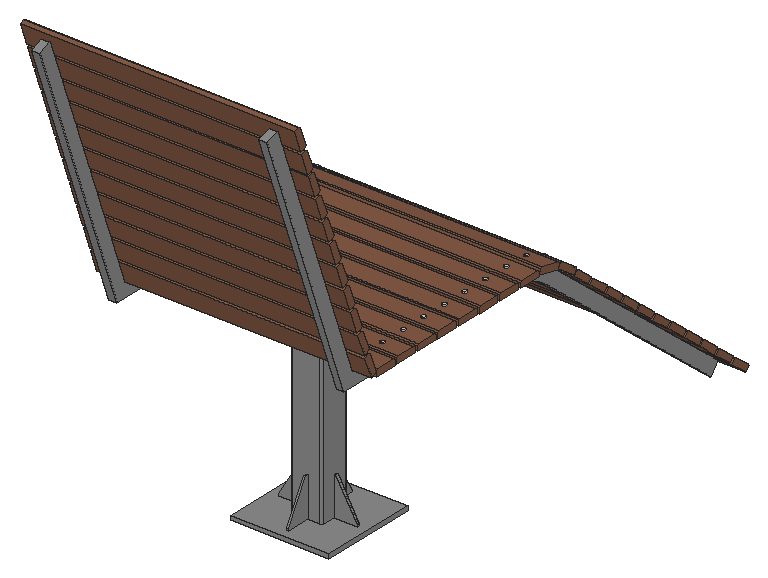
Revit family "FS_Лежак парковый_1_R16", category Антураж, Revit 2016
Family settings
  На основе рабочей плоскости = Нет
  Всегда вертикально = Да
  При загрузке вырезать с полостями = Нет
  Источник визуального образа = Геометрия семейства
  Общий = Нет
  Точка расчета площади = Нет
Parameters (values of type "Лежак парковый «1» 0.7м")
  Стоимость = 9082
  Комментарии к типоразмеру = "Материалы: сталь, брус"  # constant formula
  Изготовитель = "ООО 'Хоббика'"  # constant formula
  Высота = 0 mm
  URL = "https://hobbyka.ru/product/parkovyy_lezhak_1/?sphrase_id=88905"
  ADSK_Размер_Ширина = 700 mm  # constant formula
  ADSK_Размер_Длина = 1468 mm  # constant formula
  ADSK_Размер_Высота = 1226 mm  # constant formula
  ADSK_Наименование = "Лежак парковый «1» 0.7м"
  ADSK_Материал опоры = FS_Сталь
  ADSK_Материал крепления = FS_Цинк
  ADSK_Материал доски = FS_Древесина
  ADSK_Код изделия = "9977"  # constant formula
Reference planes
  plane 1 "По центру (Вперед/Назад)": y = 0
  plane 2: z = 0
  plane 3 "По центру (Влево/Вправо)": x = 0
  plane 4: x = -350
  plane 5: x = 350
  plane 6: x = 290
  plane 7: x = -290
Forms (mm)
  Extrusion 1, solid, material "FS_Сталь" <- "ADSK_Материал опоры"
    sketch origin (0, 0, 0) x (1, 0, 0) y (0, 1, 0)
      loop
        line (-125, -125) -> (125, -125) -> (125, 125) -> (-125, 125) -> (-125, -125)
    from 0 to 10
  Extrusion 2, solid, material "FS_Сталь" <- "ADSK_Материал опоры"
    sketch origin (0, 0, 10) x (1, 0, 0) y (0, 1, 0)
      loop
        line (-35, -40) -> (35, -40)
        arc (35, -40) -> (38.536, -38.536) -> (40, -35) r 5
        line (40, -35) -> (40, 35)
        arc (40, 35) -> (38.536, 38.536) -> (35, 40) r 5
        line (35, 40) -> (-35, 40)
        arc (-35, 40) -> (-38.536, 38.536) -> (-40, 35) r 5
        line (-40, 35) -> (-40, -35)
        arc (-40, -35) -> (-38.536, -38.536) -> (-35, -40) r 5
    from 0 to 532
  Extrusion 3, solid, material "FS_Сталь" <- "ADSK_Материал опоры"
    sketch origin (0, 0, 542) x (1, 0, 0) y (0, 1, 0)
      loop
        line (-125, -125) -> (125, -125) -> (125, 125) -> (-125, 125) -> (-125, -125)
    from 0 to 10
  Extrusion 4, solid, material "FS_Сталь" <- "ADSK_Материал опоры"
    sketch origin (0, 0, 0) x (0, 1, 0) y (0, 0, 1)
      loop
        line (-40, 10) -> (-40, 110) -> (-45, 110) -> (-100, 15) -> (-100, 10) -> (-40, 10)
      loop
        line (40, 10) -> (100, 10) -> (100, 15) -> (45, 110) -> (40, 110) -> (40, 10)
    from -2.5 to 2.5
  Extrusion 5, solid, material "FS_Сталь" <- "ADSK_Материал опоры"
    sketch origin (0, 0, 0) x (1, 0, 0) y (0, 0, 1)
      loop
        line (-40, 10) -> (-40, 110) -> (-45, 110) -> (-100, 15) -> (-100, 10) -> (-40, 10)
      loop
        line (40, 10) -> (100, 10) -> (100, 15) -> (45, 110) -> (40, 110) -> (40, 10)
    from -2.5 to 2.5
Dimensions and locks
  "ADSK_Размер_Ширина": plane 4 to plane 5
  equal spacing: plane 4, plane 3 "По центру (Влево/Вправо)", plane 5
  locked: plane 4 to plane 7 at 60
  locked: plane 6 to plane 5 at 60
  aligned and locked: level to plane 2
  aligned and locked: plane 1 "По центру (Вперед/Назад)" to nested 1
  aligned and locked: plane 6 to nested 1
  aligned and locked: plane 7 to nested 2
  aligned and locked: plane 1 "По центру (Вперед/Назад)" to nested 2
  aligned and locked: nested 34 to plane 4
  aligned and locked: nested 33 to plane 4
  aligned and locked: nested 32 to plane 4
  aligned and locked: nested 31 to plane 4
  aligned and locked: nested 30 to plane 4
  aligned and locked: nested 29 to plane 4
  aligned and locked: nested 28 to plane 4
  aligned and locked: nested 27 to plane 4
  aligned and locked: nested 26 to plane 4
  aligned and locked: nested 25 to plane 4
  aligned and locked: nested 24 to plane 4
  aligned and locked: nested 23 to plane 4
  aligned and locked: nested 22 to plane 4
  aligned and locked: nested 21 to plane 4
  aligned and locked: nested 20 to plane 4
  aligned and locked: nested 19 to plane 4
  aligned and locked: nested 18 to plane 4
  aligned and locked: nested 17 to plane 4
  aligned and locked: nested 16 to plane 4
  aligned and locked: nested 15 to plane 4
  aligned and locked: nested 14 to plane 4
  aligned and locked: nested 34 to plane 5
  aligned and locked: nested 33 to plane 5
  aligned and locked: nested 32 to plane 5
  aligned and locked: nested 31 to plane 5
  aligned and locked: nested 30 to plane 5
  aligned and locked: nested 29 to plane 5
  aligned and locked: nested 28 to plane 5
  aligned and locked: nested 27 to plane 5
  aligned and locked: nested 26 to plane 5
  aligned and locked: nested 25 to plane 5
  aligned and locked: nested 24 to plane 5
  aligned and locked: nested 23 to plane 5
  aligned and locked: nested 22 to plane 5
  aligned and locked: nested 21 to plane 5
  aligned and locked: nested 20 to plane 5
  aligned and locked: nested 19 to plane 5
  aligned and locked: nested 18 to plane 5
  aligned and locked: nested 17 to plane 5
  aligned and locked: nested 16 to plane 5
  aligned and locked: nested 15 to plane 5
  aligned and locked: nested 14 to plane 5
  aligned and locked: nested 3 to plane 4
  aligned and locked: nested 4 to plane 4
  aligned and locked: nested 5 to plane 4
  aligned and locked: nested 6 to plane 4
  aligned and locked: nested 7 to plane 4
  aligned and locked: nested 8 to plane 4
  aligned and locked: nested 9 to plane 4
  aligned and locked: nested 10 to plane 4
  aligned and locked: nested 11 to plane 4
  aligned and locked: nested 12 to plane 4
  aligned and locked: nested 13 to plane 4
  aligned and locked: nested 13 to plane 5
  aligned and locked: nested 12 to plane 5
  aligned and locked: nested 11 to plane 5
  aligned and locked: nested 10 to plane 5
  aligned and locked: nested 9 to plane 5
  aligned and locked: nested 8 to plane 5
  aligned and locked: nested 7 to plane 5
  aligned and locked: nested 6 to plane 5
  aligned and locked: nested 5 to plane 5
  aligned and locked: nested 4 to plane 5
  aligned and locked: nested 3 to plane 5
Automatic sketch dimensions
  Extrusion 1 sketch curve to plane 1 "По центру (Вперед/Назад)" = 125 mm
  plane 1 "По центру (Вперед/Назад)" to Extrusion 1 sketch curve = 125 mm
  Extrusion 1 sketch curve to plane 3 "По центру (Влево/Вправо)" = 125 mm
  plane 3 "По центру (Влево/Вправо)" to Extrusion 1 sketch curve = 125 mm
  Extrusion 2 sketch curve to Extrusion 1 = 85 mm  (x2)
  Extrusion 2 sketch curve to Extrusion 2 sketch curve = 5 mm  (x3)
  Extrusion 2 sketch curve to Extrusion 2 sketch curve = 70 mm  (x3)
  Extrusion 2 to Extrusion 3 sketch curve = 85 mm  (x4)
  level to Extrusion 4 sketch curve = 10 mm  (x2)
  plane 1 "По центру (Вперед/Назад)" to Extrusion 4 sketch curve = 100 mm
  plane 1 "По центру (Вперед/Назад)" to Extrusion 4 sketch curve = 45 mm
  plane 1 "По центру (Вперед/Назад)" to Extrusion 4 sketch curve = 40 mm
  Extrusion 4 sketch curve to plane 1 "По центру (Вперед/Назад)" = 40 mm
  Extrusion 4 sketch curve to Extrusion 4 sketch curve = 5 mm  (x2)
  level to Extrusion 4 sketch curve = 15 mm
  Extrusion 4 sketch curve to Extrusion 4 sketch curve = 60 mm
  Extrusion 4 sketch curve to Extrusion 4 sketch curve = 100 mm
  Extrusion 4 sketch curve to Extrusion 4 sketch curve = 0 mm
  level to Extrusion 5 sketch curve = 10 mm  (x2)
  Extrusion 5 sketch curve to plane 3 "По центру (Влево/Вправо)" = 100 mm
  Extrusion 5 sketch curve to plane 3 "По центру (Влево/Вправо)" = 45 mm
  Extrusion 5 sketch curve to plane 3 "По центру (Влево/Вправо)" = 40 mm
  plane 3 "По центру (Влево/Вправо)" to Extrusion 5 sketch curve = 40 mm
  Extrusion 5 sketch curve to Extrusion 5 sketch curve = 5 mm  (x2)
  level to Extrusion 5 sketch curve = 15 mm
  Extrusion 5 sketch curve to Extrusion 5 sketch curve = 60 mm
  Extrusion 5 sketch curve to Extrusion 5 sketch curve = 100 mm
  Extrusion 5 sketch curve to Extrusion 5 sketch curve = 0 mm
Nested families
  nested 1: "FS_Лежак парковый_1_Опора" at (290, 0, 0), type "FS_Лежак парковый_1_Опора"
  nested 2: "FS_Лежак парковый_1_Опора" at (-290, 0, 0), type "FS_Лежак парковый_1_Опора"
  nested 3: "Брус_2 фаски" at (0, -497.203, 1200.196) x (0, 0.342, -0.9397) z (1, 0, 0), type "57x16x3"
    with Длина 700 mm, Ширина 57 mm, Фаска 3 mm, Толщина 16 mm, Крепление_Глубина посадки 60 mm
  nested 4: "Брус_2 фаски" at (0, -474.801, 1138.646) x (0, 0.342, -0.9397) z (1, 0, 0), type "57x16x3"
    with Длина 700 mm, Ширина 57 mm, Фаска 3 mm, Толщина 16 mm, Крепление_Глубина посадки 60 mm
  nested 5: "Брус_2 фаски" at (0, -452.399, 1077.096) x (0, 0.342, -0.9397) z (1, 0, 0), type "57x16x3"
    with Длина 700 mm, Ширина 57 mm, Фаска 3 mm, Толщина 16 mm, Крепление_Глубина посадки 60 mm
  nested 6: "Брус_2 фаски" at (0, -429.996, 1015.547) x (0, 0.342, -0.9397) z (1, 0, 0), type "57x16x3"
    with Длина 700 mm, Ширина 57 mm, Фаска 3 mm, Толщина 16 mm, Крепление_Глубина посадки 60 mm
  nested 7: "Брус_2 фаски" at (0, -407.594, 953.997) x (0, 0.342, -0.9397) z (1, 0, 0), type "57x16x3"
    with Длина 700 mm, Ширина 57 mm, Фаска 3 mm, Толщина 16 mm, Крепление_Глубина посадки 60 mm
  nested 8: "Брус_2 фаски" at (0, -385.192, 892.447) x (0, 0.342, -0.9397) z (1, 0, 0), type "57x16x3"
    with Длина 700 mm, Ширина 57 mm, Фаска 3 mm, Толщина 16 mm, Крепление_Глубина посадки 60 mm
  nested 9: "Брус_2 фаски" at (0, -362.789, 830.897) x (0, 0.342, -0.9397) z (1, 0, 0), type "57x16x3"
    with Длина 700 mm, Ширина 57 mm, Фаска 3 mm, Толщина 16 mm, Крепление_Глубина посадки 60 mm
  nested 10: "Брус_2 фаски" at (0, -340.387, 769.347) x (0, 0.342, -0.9397) z (1, 0, 0), type "57x16x3"
    with Длина 700 mm, Ширина 57 mm, Фаска 3 mm, Толщина 16 mm, Крепление_Глубина посадки 60 mm
  nested 11: "Брус_2 фаски" at (0, -317.985, 707.797) x (0, 0.342, -0.9397) z (1, 0, 0), type "57x16x3"
    with Длина 700 mm, Ширина 57 mm, Фаска 3 mm, Толщина 16 mm, Крепление_Глубина посадки 60 mm
  nested 12: "Брус_2 фаски" at (0, -295.582, 646.247) x (0, 0.342, -0.9397) z (1, 0, 0), type "57x16x3"
    with Длина 700 mm, Ширина 57 mm, Фаска 3 mm, Толщина 16 mm, Крепление_Глубина посадки 60 mm
  nested 13: "Брус_2 фаски" at (0, -273.18, 584.697) x (0, 0.342, -0.9397) z (1, 0, 0), type "57x16x3"
    with Длина 700 mm, Ширина 57 mm, Фаска 3 mm, Толщина 16 mm, Крепление_Глубина посадки 60 mm
  nested 14: "Брус_2 фаски" at (0, -225.695, 560) x (0, 1, 0) z (1, 0, 0), type "57x16x3"
    with Длина 700 mm, Ширина 57 mm, Фаска 3 mm, Толщина 16 mm, Крепление_Глубина посадки 60 mm
  nested 15: "Брус_2 фаски" at (0, -160.195, 560) x (0, 1, 0) z (1, 0, 0), type "57x16x3"
    with Длина 700 mm, Ширина 57 mm, Фаска 3 mm, Толщина 16 mm, Крепление_Глубина посадки 60 mm
  nested 16: "Брус_2 фаски" at (0, -94.695, 560) x (0, 1, 0) z (1, 0, 0), type "57x16x3"
    with Длина 700 mm, Ширина 57 mm, Фаска 3 mm, Толщина 16 mm, Крепление_Глубина посадки 60 mm
  nested 17: "Брус_2 фаски" at (0, -29.195, 560) x (0, 1, 0) z (1, 0, 0), type "57x16x3"
    with Длина 700 mm, Ширина 57 mm, Фаска 3 mm, Толщина 16 mm, Крепление_Глубина посадки 60 mm
  nested 18: "Брус_2 фаски" at (0, 36.305, 560) x (0, 1, 0) z (1, 0, 0), type "57x16x3"
    with Длина 700 mm, Ширина 57 mm, Фаска 3 mm, Толщина 16 mm, Крепление_Глубина посадки 60 mm
  nested 19: "Брус_2 фаски" at (0, 101.805, 560) x (0, 1, 0) z (1, 0, 0), type "57x16x3"
    with Длина 700 mm, Ширина 57 mm, Фаска 3 mm, Толщина 16 mm, Крепление_Глубина посадки 60 mm
  nested 20: "Брус_2 фаски" at (0, 167.305, 560) x (0, 1, 0) z (1, 0, 0), type "57x16x3"
    with Длина 700 mm, Ширина 57 mm, Фаска 3 mm, Толщина 16 mm, Крепление_Глубина посадки 60 mm
  nested 21: "Брус_2 фаски" at (0, 232.805, 560) x (0, 1, 0) z (1, 0, 0), type "57x16x3"
    with Длина 700 mm, Ширина 57 mm, Фаска 3 mm, Толщина 16 mm, Крепление_Глубина посадки 60 mm
  nested 22: "Брус_2 фаски" at (0, 296.371, 556.803) x (0, 0.9782, -0.2077) z (1, 0, 0), type "57x16x3"
    with Длина 700 mm, Ширина 57 mm, Фаска 3 mm, Толщина 16 mm, Крепление_Глубина посадки 60 mm
  nested 23: "Брус_2 фаски" at (0, 353.929, 532.152) x (0, 0.8205, -0.5717) z (1, 0, 0), type "57x16x3"
    with Длина 700 mm, Ширина 57 mm, Фаска 3 mm, Толщина 16 mm, Крепление_Глубина посадки 60 mm
  nested 24: "Брус_2 фаски" at (0, 403.385, 490.954) x (0, 0.766, -0.6428) z (1, 0, 0), type "57x16x3"
    with Длина 700 mm, Ширина 57 mm, Фаска 3 mm, Толщина 16 mm, Крепление_Глубина посадки 60 mm
  nested 25: "Брус_2 фаски" at (0, 453.561, 448.852) x (0, 0.766, -0.6428) z (1, 0, 0), type "57x16x3"
    with Длина 700 mm, Ширина 57 mm, Фаска 3 mm, Толщина 16 mm, Крепление_Глубина посадки 60 mm
  nested 26: "Брус_2 фаски" at (0, 503.736, 406.749) x (0, 0.766, -0.6428) z (1, 0, 0), type "57x16x3"
    with Длина 700 mm, Ширина 57 mm, Фаска 3 mm, Толщина 16 mm, Крепление_Глубина посадки 60 mm
  nested 27: "Брус_2 фаски" at (0, 553.912, 364.647) x (0, 0.766, -0.6428) z (1, 0, 0), type "57x16x3"
    with Длина 700 mm, Ширина 57 mm, Фаска 3 mm, Толщина 16 mm, Крепление_Глубина посадки 60 mm
  nested 28: "Брус_2 фаски" at (0, 604.088, 322.544) x (0, 0.766, -0.6428) z (1, 0, 0), type "57x16x3"
    with Длина 700 mm, Ширина 57 mm, Фаска 3 mm, Толщина 16 mm, Крепление_Глубина посадки 60 mm
  nested 29: "Брус_2 фаски" at (0, 654.264, 280.441) x (0, 0.766, -0.6428) z (1, 0, 0), type "57x16x3"
    with Длина 700 mm, Ширина 57 mm, Фаска 3 mm, Толщина 16 mm, Крепление_Глубина посадки 60 mm
  nested 30: "Брус_2 фаски" at (0, 704.44, 238.339) x (0, 0.766, -0.6428) z (1, 0, 0), type "57x16x3"
    with Длина 700 mm, Ширина 57 mm, Фаска 3 mm, Толщина 16 mm, Крепление_Глубина посадки 60 mm
  nested 31: "Брус_2 фаски" at (0, 754.616, 196.236) x (0, 0.766, -0.6428) z (1, 0, 0), type "57x16x3"
    with Длина 700 mm, Ширина 57 mm, Фаска 3 mm, Толщина 16 mm, Крепление_Глубина посадки 60 mm
  nested 32: "Брус_2 фаски" at (0, 804.792, 154.134) x (0, 0.766, -0.6428) z (1, 0, 0), type "57x16x3"
    with Длина 700 mm, Ширина 57 mm, Фаска 3 mm, Толщина 16 mm, Крепление_Глубина посадки 60 mm
  nested 33: "Брус_2 фаски" at (0, 854.968, 112.031) x (0, 0.766, -0.6428) z (1, 0, 0), type "57x16x3"
    with Длина 700 mm, Ширина 57 mm, Фаска 3 mm, Толщина 16 mm, Крепление_Глубина посадки 60 mm
  nested 34: "Брус_2 фаски" at (0, 905.144, 69.928) x (0, 0.766, -0.6428) z (1, 0, 0), type "57x16x3"
    with Длина 700 mm, Ширина 57 mm, Фаска 3 mm, Толщина 16 mm, Крепление_Глубина посадки 60 mm
Definition of nested family "FS_Лежак парковый_1_Опора"
  Parameters (values of type "FS_Лежак парковый_1_Опора")
    ADSK_Материал опоры = none
  Reference planes
    plane 1 "По центру (Вперед/Назад)": y = 0
    plane 2: z = 0
    plane 3 "По центру (Влево/Вправо)": x = 0
  Forms (mm)
    Sweep 1, solid, material <- "ADSK_Материал опоры"
      path origin (0, 0, 0) x (0, 1, 0) y (0, 0, 1)
        loop
          line (872.723, 39.694) -> (342.725, 484.416)
          arc (342.725, 484.416) -> (302.121, 507.859) -> (255.948, 516) r 135
          line (255.948, 516) -> (-295, 516) -> (-541.255, 1192.579)
      profile "Профиль_Прямоугольник : 20x36" origin (0, -418.127, 854.289) x (0, -0.939693, -0.34202) y (1, 0, 0)
        loop
          line (-36, -10) -> (0, -10) -> (0, 10) -> (-36, 10) -> (-36, -10)
  Dimensions and locks
    aligned and locked: level to plane 2
Definition of nested family "Брус_2 фаски"
  Parameters (values of type "50x30x5")
    Ширина = 50 mm
    Фаска = 5 mm
    Толщина = 30 mm
    Default Elevation = 0 mm
    Крепление_Диаметр = 10 mm
    Крепление_Глубина посадки = 30 mm
    Кремление_Видимость = yes
    Длина [instance] = 1000 mm
    ADSK_Материал крепления = none
    ADSK_Материал доски = none
  Reference planes
    plane 1 "По центру (Вперед/Назад)": y = 0
    plane 2: z = 0
    plane 3 "По центру (Влево/Вправо)": x = 0
    plane 4: y = 15
    plane 5: x = 25
    plane 6: x = -25
    plane 7: x = -20
    plane 8: y = 10
    plane 9: x = 20
    plane 10: y = -15
    plane 11: z = 500
    plane 12: z = -500
    plane 13: z = 470
    plane 14: z = -470
  Forms (mm)
    Extrusion 1, solid, material <- "ADSK_Материал доски"
      sketch origin (0, 0, 0) x (1, 0, 0) y (0, 1, 0)
        loop
          line (-20, 15) -> (-25, 10) -> (-25, -15) -> (25, -15) -> (25, 10) -> (20, 15) -> (-20, 15)
      from -500 to 500
    Extrusion 2, solid, material <- "ADSK_Материал крепления", visible <- "Кремление_Видимость"
      sketch origin (-50, 15, 1200) x (-1, 0, 0) y (0, 0, 1)
        loop
          circle (-50, -730) r 5
        loop
          circle (-50, -1670) r 5
      from 0 to 1
  Dimensions and locks
    equal spacing: plane 6, plane 3 "По центру (Влево/Вправо)", plane 5
    "Ширина": plane 6 to plane 5
    "Фаска": plane 6 to plane 7
    "Фаска": plane 4 to plane 8
    "Фаска": plane 5 to plane 9
    equal spacing: plane 4, plane 1 "По центру (Вперед/Назад)", plane 10
    "Толщина": plane 4 to plane 10
    equal spacing: plane 12, plane 2, plane 11
    "Длина": plane 12 to plane 11
    "Крепление_Глубина посадки": plane 13 to plane 11
    "Крепление_Глубина посадки": plane 14 to plane 12
    locked: plane 3 "По центру (Влево/Вправо)" to Extrusion 2 sketch curve at 0  (x2)
    locked: plane 13 to Extrusion 2 sketch curve at 0
    locked: plane 14 to Extrusion 2 sketch curve at 0
    "Крепление_Диаметр": diameter of Extrusion 2 sketch curve  (x2)
    aligned and locked: level to plane 2
    aligned and locked: Extrusion 1 sketch curve to plane 4
    aligned and locked: Extrusion 1 sketch curve to plane 6
    aligned and locked: Extrusion 1 sketch curve to plane 5
    aligned and locked: plane 11 to Extrusion 1
    aligned and locked: plane 12 to Extrusion 1
    aligned and locked: Extrusion 1 sketch curve to plane 10
  Automatic sketch dimensions
    Extrusion 1 sketch curve to plane 7 = 0 mm
    Extrusion 1 sketch curve to plane 9 = 0 mm
    Extrusion 1 sketch curve to plane 8 = 0 mm
    plane 8 to Extrusion 1 sketch curve = 0 mm
